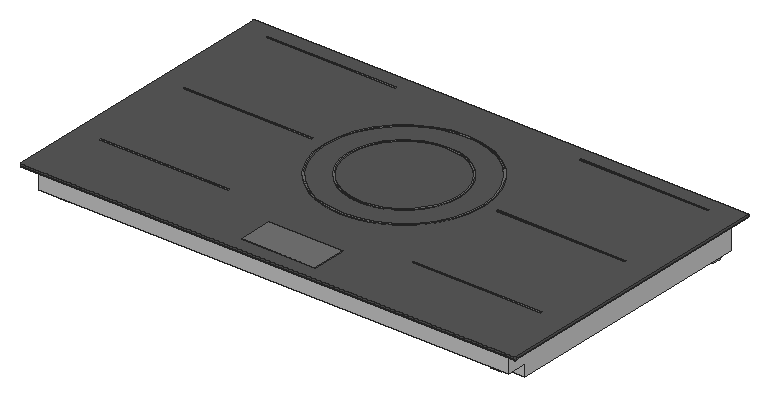
Revit family "FP-Revit19-en-CI302DB1-CI392DB1-CI392DTTB1-CI604DTTB1-CI764DTTB1-CI905DTTB1-InductionCooktop-0-90003215A-AU-NZ-UK-IE-CN-SG-ASIA", category Specialty Equipment, Revit 2019
Family settings
  Round Connector Dimension = Use Diameter
  Part Type = Normal
  OmniClass Number = 23.40.40.14.17.11
  OmniClass Title = Cookers, Ovens, Stoves
  Work Plane-Based = No
  Always vertical = Yes
  Cut with Voids When Loaded = Yes
  Shared = No
  Room Calculation Point = No
Parameters (values of type "CI905DTTB1")
  Visibility - Power Flex Large = yes
  Visibility - Power Flex Small = no
  Visibility - Power Conduit US-CA = no
  Visibility - Clearance Required = yes
  Visibility - Touchscreen = yes
  Recess - Depth = 6.5 mm  # constant formula
  Product - Height = ([Chassis - Height]) + 5.5 mm  # 61.5 mm
  Product - Width = 900 mm
  Product - Depth = 530 mm  # constant formula
  Model = "CI905DTTB1"
  Material - Graphics = Fisher & Paykel - Grey, Charcoal
  Material - Display Panel = Fisher & Paykel - Grey, Charcoal
  Material - Cooktop = Fisher & Paykel - Glass, Black
  Material - Body = Fisher & Paykel - Grey
  Manufacturer = "Fisher & Paykel Appliances Ltd"  # constant formula
  Graphics - 90/36 = yes
  Graphics - 76/30 = no
  Graphics - 60/24 = no
  Graphics - 39/17 = no
  Graphics - 30/15 = no
  Description = "90cm, 5 Zone Induction Cooktop, Black, Touchscreen"
  Countertop - Height [instance] = 900 mm
  Connector Description - Electrical = "220-240V, 50Hz, 50A"
  Clearance - Side Combustible = 27 mm  # constant formula
  Clearance - Rear Combustible = 20 mm  # constant formula
  Clearance - Overhead Rangehood = 650 mm  # constant formula
  Clearance - Overhead Non-Combustible = 450 mm  # constant formula
  Chassis - Width = 854 mm
  Chassis - Height = 56 mm  # constant formula
  Chassis - Depth = 504 mm  # constant formula
  Cavity - Width = 862 mm
  Cavity - Height = 72 mm
  Cavity - Depth (Proud Mount) = 507 mm  # constant formula
  Cavity - Depth (Flush Mount) = 509 mm  # constant formula
Types (6, lengths in mm): name | Visibility - Power Flex Large | Visibility - Power Flex Small | Visibility - Touchscreen | Product - Width | Model | Graphics - 90/36 | Graphics - 76/30 | Graphics - 60/24 | Graphics - 39/17 | Graphics - 30/15 | Description | Connector Description - Electrical | Chassis - Width | Cavity - Width
  CI905DTTB1 | yes | no | yes | 900 | "CI905DTTB1" | yes | no | no | no | no | "90cm, 5 Zone Induction Cooktop, Black, Touchscreen" | "220-240V, 50Hz, 50A" | 854 | 862
  CI302DB1 | no | yes | no | 300 | "CI302DB1" | no | no | no | no | yes | "30cm, 2 Zone Induction Cooktop, Black" | "220-240V, 50Hz, 20A" | 254 | 262
  CI392DB1 | no | yes | no | 385 | "CI392DB1" | no | no | no | yes | no | "39cm, 2 Zone Induction Cooktop, Black" | "220-240V, 50Hz, 20A" | 334 | 347
  CI604DTTB1 | yes | no | yes | 600 | "CI604DTTB1" | no | no | yes | no | no | "60cm, 4 Zone Induction Cooktop, Black, Touchscreen" | "220-240V, 50Hz, 35A" | 554 | 562
  CI764DTTB1 | yes | no | yes | 760 | "CI764DTTB1" | no | yes | no | no | no | "76cm, 4 Zone Induction Cooktop, Black, Touchscreen" | "220-240V, 50Hz, 35A" | 714 | 722
  CI392DTTB1 | no | yes | yes | 385 | "CI392DTTB1" | no | no | no | yes | no | "39cm, 2 Zone Induction Cooktop, Black, Touchscreen" | "220-240V, 50Hz, 20A" | 334 | 347
Reference planes
  plane 1 "Front": y = 0
  plane 2: z = 0
  plane 3 "Center (Left/Right)": x = 0
  plane 4 "Product - LHS": x = -450
  plane 5 "Clearance - LHS": x = -458
  plane 6 "Product - RHS": x = 450
  plane 7 "Clearance - RHS": x = 458
  plane 8 "Tape": z = 894.5
  plane 9 "Product - Height": z = 900
  plane 10 "Cavity - Height": z = 828
  plane 11 "Chassis Base": z = 838.5
  plane 12 "Product - Depth": y = 530
  plane 13 "Cavity - LHS": x = -431
  plane 14 "Cavity - RHS": x = 431
  plane 15 "Mounting Flange": z = 896
  plane 16 "Clearance - Rear": y = 539.5
  plane 17 "Clearance - Overhead Rangehood": z = 1550
  plane 18 "Clearance - Non-Combustible": z = 1350
  plane 19 "Graphics": z = 900.2
  plane 20 "2mm Offset LHS": x = -452
  plane 21 "2mm Offset RHS": x = 452
  plane 22 "Cable": x = 397
  plane 23 "Recess 6.5mm": z = 893.5
  plane 24 "Chassis LHS": x = -427
  plane 25 "Chassis RHS": x = 427
  plane 26 "Chassis - Front": y = 13.5
  plane 27 "Chassis - Depth": y = 517.5
  plane 28 "Centre": y = 265
  plane 29 "Cavity - Rear": y = 519.5
  plane 30 "Cavity - Front": y = 10.5
Forms (mm)
  Extrusion 1, solid, material "Fisher & Paykel - Glass, Black" <- "Material - Cooktop"
    sketch origin (0, 0, 0) x (1, 0, 0) y (0, 1, 0)
      loop
        arc (-448, 530) -> (-449.414, 529.414) -> (-450, 528) r 2
        line (-450, 528) -> (-450, 2)
        arc (-450, 2) -> (-449.414, 0.586) -> (-448, 0) r 2
        line (-448, 0) -> (448, 0)
        arc (448, 0) -> (449.414, 0.586) -> (450, 2) r 2
        line (450, 2) -> (450, 528)
        arc (450, 528) -> (449.414, 529.414) -> (448, 530) r 2
        line (448, 530) -> (-448, 530)
    from 896 to 900
  Extrusion 2, solid, material "Fisher & Paykel - Grey" <- "Material - Body"
    sketch origin (0, -179.489, 0) x (1, 0, 0) y (0, 1, 0)
      loop
        line (-427, 696.989) -> (-427, 192.989) -> (427, 192.989) -> (427, 696.989) -> (-427, 696.989)
    from 838.5 to 894.5
  Extrusion 3, solid, material "Fisher & Paykel - Grey" <- "Material - Body"
    sketch origin (0, 0, 0) x (1, 0, 0) y (0, 1, 0)
      loop
        line (-437, 523) -> (-437, 7) -> (437, 7) -> (437, 523) -> (-437, 523)
    from 894.5 to 896
  Extrusion 4, solid, material "Fisher & Paykel - Grey, Charcoal" <- "Material - Display Panel", visible <- "Visibility - Touchscreen", detail levels fine
    sketch origin (0, 0, 0) x (1, 0, 0) y (0, 1, 0)
      loop
        line (-66.5, 87) -> (-66.5, 25) -> (66.5, 25) -> (66.5, 87) -> (-66.5, 87)
    from 896 to 900.2
  Extrusion 5, solid, material "Fisher & Paykel - Clearance Required (Cutout)", visible <- "Visibility - Clearance Required", detail levels coarse
    sketch origin (0, 0, 0) x (0, 1, 0) y (0, 0, 1)
      loop
        line (10.5, 894.5) -> (10.5, 828) -> (519.5, 828) -> (519.5, 894.5) -> (10.5, 894.5)
    from -431 to 431
  Extrusion 6, solid, material "Fisher & Paykel - Clearance Required (Non-Combustible)", visible <- "Visibility - Clearance Required", detail levels coarse
    sketch origin (0, 0, 0) x (1, 0, 0) y (0, 1, 0)
      loop
        line (-458, 539.5) -> (-458, 0) -> (458, 0) -> (458, 539.5) -> (-458, 539.5)
    from 900 to 1350
  Extrusion 7, solid, material "Fisher & Paykel - Clearance Required (Combustible)", visible <- "Visibility - Clearance Required", detail levels coarse
    sketch origin (0, 0, 0) x (1, 0, 0) y (0, 1, 0)
      loop
        line (-458, 539.5) -> (-458, 0) -> (458, 0) -> (458, 539.5) -> (-458, 539.5)
    from 1350 to 1550
  Extrusion 8, solid, material "Fisher & Paykel - Grey, Charcoal" <- "Material - Graphics", visible <- "Graphics - 90/36", detail levels fine
    sketch origin (0, 0, 0) x (1, 0, 0) y (0, 1, 0)
      loop
        line (-403.25, 316.098) -> (-403.25, 313.598) -> (-170.75, 313.598) -> (-170.75, 316.098) -> (-403.25, 316.098)
      loop
        line (-403.25, 126.248) -> (-403.25, 123.748) -> (-170.75, 123.748) -> (-170.75, 126.248) -> (-403.25, 126.248)
      loop
        line (-403.25, 505.249) -> (-403.25, 502.749) -> (-170.75, 502.749) -> (-170.75, 505.249) -> (-403.25, 505.249)
      loop
        line (397.25, 316.098) -> (164.75, 316.098) -> (164.75, 313.598) -> (397.25, 313.598) -> (397.25, 316.098)
      loop
        line (397.25, 126.248) -> (164.75, 126.248) -> (164.75, 123.748) -> (397.25, 123.748) -> (397.25, 126.248)
      loop
        line (397.25, 505.249) -> (164.75, 505.249) -> (164.75, 502.749) -> (397.25, 502.749) -> (397.25, 505.249)
      loop
        circle (-3, 313.598) r 99.029
      loop
        circle (-3, 313.598) r 101.36
      loop
        circle (-3, 313.598) r 142.07
      loop
        circle (-3, 313.598) r 144.628
    from 896 to 900.2
  Extrusion 9, solid, material "Fisher & Paykel - Grey, Charcoal" <- "Material - Graphics", visible <- "Graphics - 30/15", detail levels fine
    sketch origin (0, 0, 0) x (1, 0, 0) y (0, 1, 0)
      loop
        line (-116.25, 316.098) -> (-116.25, 313.598) -> (116.25, 313.598) -> (116.25, 316.098) -> (-116.25, 316.098)
      loop
        line (-116.25, 126.249) -> (-116.25, 123.749) -> (116.25, 123.749) -> (116.25, 126.249) -> (-116.25, 126.249)
      loop
        line (-116.25, 505.249) -> (-116.25, 502.749) -> (116.25, 502.749) -> (116.25, 505.249) -> (-116.25, 505.249)
    from 896 to 900.2
  Extrusion 10, solid, material "Fisher & Paykel - Grey, Charcoal" <- "Material - Graphics", visible <- "Graphics - 60/24", detail levels fine
    sketch origin (0, 0, 0) x (1, 0, 0) y (0, 1, 0)
      loop
        line (-250.25, 316.098) -> (-250.25, 313.598) -> (-24.75, 313.598) -> (-24.75, 316.098) -> (-250.25, 316.098)
      loop
        line (-250.25, 126.249) -> (-250.25, 123.749) -> (-24.75, 123.749) -> (-24.75, 126.249) -> (-250.25, 126.249)
      loop
        line (-250.25, 505.249) -> (-250.25, 502.749) -> (-24.75, 502.749) -> (-24.75, 505.249) -> (-250.25, 505.249)
      loop
        line (250.25, 316.098) -> (24.75, 316.098) -> (24.75, 313.598) -> (250.25, 313.598) -> (250.25, 316.098)
      loop
        line (250.25, 126.249) -> (24.75, 126.249) -> (24.75, 123.749) -> (250.25, 123.749) -> (250.25, 126.249)
      loop
        line (250.25, 505.249) -> (24.75, 505.249) -> (24.75, 502.749) -> (250.25, 502.749) -> (250.25, 505.249)
    from 896 to 900.2
  Extrusion 11, solid, material "Fisher & Paykel - Grey, Charcoal" <- "Material - Graphics", visible <- "Graphics - 76/30", detail levels fine
    sketch origin (0, 0, 0) x (1, 0, 0) y (0, 1, 0)
      loop
        line (330.25, 316.098) -> (99.75, 316.098) -> (99.75, 313.598) -> (330.25, 313.598) -> (330.25, 316.098)
      loop
        line (330.25, 126.248) -> (99.75, 126.248) -> (99.75, 123.748) -> (330.25, 123.748) -> (330.25, 126.248)
      loop
        line (330.25, 505.248) -> (99.75, 505.248) -> (99.75, 502.749) -> (330.25, 502.749) -> (330.25, 505.248)
      loop
        circle (-200, 258.2) r 140
      loop
        circle (-14.494, 412.848) r 85
      loop
        circle (-14.494, 412.848) r 83
      loop
        circle (-200, 258.2) r 138.038
    from 896 to 900.2
  Extrusion 12, solid, material "Fisher & Paykel - Grey, Charcoal" <- "Material - Graphics", visible <- "Graphics - 39/17", detail levels fine
    sketch origin (0, 0, 0) x (1, 0, 0) y (0, 1, 0)
      loop
        line (-142.75, 505.254) -> (-142.75, 502.754) -> (142.75, 502.754) -> (142.75, 505.254) -> (-142.75, 505.254)
      loop
        line (-142.75, 316.098) -> (-142.75, 313.598) -> (142.75, 313.598) -> (142.75, 316.098) -> (-142.75, 316.098)
      loop
        line (-142.75, 126.249) -> (-142.75, 123.749) -> (142.75, 123.749) -> (142.75, 126.249) -> (-142.75, 126.249)
    from 896 to 900.2
  Extrusion 13, void
    sketch origin (0, 0, 0) x (1, 0, 0) y (0, 1, 0)
      loop
        arc (-448, 532) -> (-450.828, 530.828) -> (-452, 528) r 4
        line (-452, 528) -> (-452, 2)
        arc (-452, 2) -> (-450.828, -0.828) -> (-448, -2) r 4
        line (-448, -2) -> (448, -2)
        arc (448, -2) -> (450.828, -0.828) -> (452, 2) r 4
        line (452, 2) -> (452, 528)
        arc (452, 528) -> (450.828, 530.828) -> (448, 532) r 4
        line (448, 532) -> (-448, 532)
    from 893.5 to 900
  Extrusion 14, solid, material "Fisher & Paykel - Grey, Charcoal"
    sketch origin (0, 0, 0) x (1, 0, 0) y (0, 1, 0)
      loop
        arc (-448, 530) -> (-449.414, 529.414) -> (-450, 528) r 2
        line (-450, 528) -> (-450, 2)
        arc (-450, 2) -> (-449.414, 0.586) -> (-448, 0) r 2
        line (-448, 0) -> (448, 0)
        arc (448, 0) -> (449.414, 0.586) -> (450, 2) r 2
        line (450, 2) -> (450, 528)
        arc (450, 528) -> (449.414, 529.414) -> (448, 530) r 2
        line (448, 530) -> (-448, 530)
      loop
        line (-445, 525) -> (-445, 5) -> (445, 5) -> (445, 525) -> (-445, 525)
    from 894.5 to 896
  Extrusion 15, solid, material "Fisher & Paykel - Grey" <- "Material - Body", visible <- "Visibility - Power Flex Small"
    sketch origin (0, 0, 0) x (1, 0, 0) y (0, 1, 0)
      loop
        circle (97, 512) r 4
    from 828 to 838.5
  Extrusion 16, void
    sketch origin (0, 0, 0) x (0, 1, 0) y (0, 0, 1)
      loop
        line (13.5, 838.5) -> (50.5, 838.5) -> (50.5, 858.5) -> (13.5, 858.5) -> (13.5, 838.5)
    from -431 to 431
  Sweep 17, solid, material "Fisher & Paykel - Grey" <- "Material - Body", visible <- "Visibility - Power Flex Large"
    path origin (397, 0, 0) x (0, -1, 0) y (0, 0, 1)
      loop
        arc (-523.932, 815.5) -> (-500.264, 821.519) -> (-482.714, 838.5) r 47.507
        line (-482.714, 838.5) -> (-480.135, 842.784)
    profile origin (397, 500.264, 821.519) x (0, 0.487278, 0.873247) y (-1, 0, 0)
      loop
        circle (0, 0) r 6
  Extrusion 18, solid, material "Fisher & Paykel - Grey" <- "Material - Body", visible <- "Visibility - Power Flex Large"
    sketch origin (0, 0, 0) x (1, 0, 0) y (0, 1, 0)
      loop
        circle (397, 482.308) r 15
      loop
        circle (397, 482.308) r 8.004
    from 837.5 to 838.5
  Extrusion 19, solid, material "Fisher & Paykel - Grey" <- "Material - Body", detail levels fine
    sketch origin (0, 0, 0) x (1, 0, 0) y (0, 0, 1)
      loop
        line (-398.5, 858.5) -> (-398.5, 846.5) -> (-384.5, 846.5) -> (-384.5, 858.5) -> (-398.5, 858.5)
      loop
        line (401, 846.5) -> (401, 858.5) -> (382, 858.5) -> (382, 846.5) -> (401, 846.5)
    from -50.5 to -29.5
Cuts and joins
  Extrusion 16 cuts Extrusion 2
Text (mm)
  text "Due to ongoing product development, product details are subject to change without notice. \nPlease always refer to www.fisherpaykel.com for the most current product information. \n© Fisher & Paykel 2020" at (110.713, -119.621, 0), in view "Ref. Level"
Dimensions and locks
  equal spacing: plane 4 "Product - LHS", plane 3 "Center (Left/Right)", plane 6 "Product - RHS"
  equal spacing: plane 5 "Clearance - LHS", plane 3 "Center (Left/Right)", plane 7 "Clearance - RHS"
  "Product - Width": plane 4 "Product - LHS" to plane 6 "Product - RHS"
  equal spacing: plane 13 "Cavity - LHS", plane 3 "Center (Left/Right)", plane 14 "Cavity - RHS"
  "Cavity - Width": plane 13 "Cavity - LHS" to plane 14 "Cavity - RHS"
  equal spacing: Extrusion 2, plane 3 "Center (Left/Right)", Extrusion 2
  equal spacing: Extrusion 3 sketch curve, plane 3 "Center (Left/Right)", Extrusion 3 sketch curve
  locked: plane 4 "Product - LHS" to Extrusion 3 sketch curve at 13
  equal spacing: Extrusion 4 sketch curve, plane 3 "Center (Left/Right)", Extrusion 4 sketch curve
  locked: plane 1 "Front" to Extrusion 4 sketch curve at 25
  locked: Extrusion 4 sketch curve to Extrusion 4 sketch curve at 62
  "Chassis - Height": plane 8 "Tape" to plane 11 "Chassis Base"
  locked: plane 12 "Product - Depth" to Extrusion 3 sketch curve at 7
  locked: plane 1 "Front" to Extrusion 3 sketch curve at 7
  locked: plane 8 "Tape" to plane 15 "Mounting Flange" at 1.5
  locked: plane 9 "Product - Height" to plane 8 "Tape" at 5.5
  "Clearance - Overhead Non-Combustible": plane 18 "Clearance - Non-Combustible" to plane 9 "Product - Height"
  "Clearance - Overhead Rangehood": plane 17 "Clearance - Overhead Rangehood" to plane 9 "Product - Height"
  "Clearance - Side Combustible": plane 5 "Clearance - LHS" to plane 13 "Cavity - LHS"
  locked: Extrusion 4 sketch curve to Extrusion 4 sketch curve at 133
  locked: Extrusion 9 sketch curve to plane 3 "Center (Left/Right)" at 116.25
  locked: plane 3 "Center (Left/Right)" to Extrusion 9 sketch curve at 116.25
  locked: plane 3 "Center (Left/Right)" to Extrusion 11 sketch curve at 99.75
  locked: plane 3 "Center (Left/Right)" to Extrusion 11 sketch curve at 330.25
  locked: Extrusion 11 sketch curve to plane 3 "Center (Left/Right)" at 200
  locked: Extrusion 11 sketch curve to plane 3 "Center (Left/Right)" at 14.494
  locked: Extrusion 10 sketch curve to plane 3 "Center (Left/Right)" at 24.75
  locked: plane 3 "Center (Left/Right)" to Extrusion 10 sketch curve at 24.75
  locked: Extrusion 10 sketch curve to plane 3 "Center (Left/Right)" at 250.25  (x3)
  locked: plane 3 "Center (Left/Right)" to Extrusion 10 sketch curve at 250.25
  locked: Extrusion 12 sketch curve to plane 3 "Center (Left/Right)" at 142.75  (x3)
  locked: plane 3 "Center (Left/Right)" to Extrusion 12 sketch curve at 142.75  (x3)
  equal spacing: Extrusion 13 sketch curve, plane 3 "Center (Left/Right)", Extrusion 13 sketch curve
  locked: Extrusion 13 sketch curve to plane 4 "Product - LHS" at 2
  locked: Extrusion 13 sketch curve to plane 1 "Front" at 2
  locked: Extrusion 13 sketch curve to plane 12 "Product - Depth" at 2
  equal spacing: plane 20 "2mm Offset LHS", plane 3 "Center (Left/Right)", plane 21 "2mm Offset RHS"
  locked: plane 20 "2mm Offset LHS" to plane 4 "Product - LHS" at 2
  locked: plane 15 "Mounting Flange" to plane 19 "Graphics" at 4.2
  "Countertop - Height": plane 9 "Product - Height" to level
  locked: plane 1 "Front" to Extrusion 14 sketch curve at 5
  equal spacing: Extrusion 14 sketch curve, plane 3 "Center (Left/Right)", Extrusion 14 sketch curve
  locked: plane 4 "Product - LHS" to Extrusion 14 sketch curve at 5
  locked: plane 12 "Product - Depth" to Extrusion 14 sketch curve at 5
  plane 1 "Front" to Extrusion 15 sketch curve = 512 mm
  plane 3 "Center (Left/Right)" to Extrusion 15 sketch curve = 97 mm
  locked: plane 22 "Cable" to plane 6 "Product - RHS" at 53
  locked: plane 8 "Tape" to cut or joined group of Extrusion 2, Extrusion 16 at 36
  locked: plane 11 "Chassis Base" to Extrusion 18 at 1
  locked: Extrusion 19 to plane 8 "Tape" at 48
  "Recess - Depth": plane 9 "Product - Height" to plane 23 "Recess 6.5mm"
  equal spacing: plane 24 "Chassis LHS", plane 3 "Center (Left/Right)", plane 25 "Chassis RHS"
  locked: plane 1 "Front" to plane 26 "Chassis - Front" at 13.5
  "Chassis - Depth": plane 27 "Chassis - Depth" to plane 26 "Chassis - Front"
  locked: Extrusion 19 to plane 24 "Chassis LHS" at 28.5
  locked: Extrusion 19 to plane 24 "Chassis LHS" at 42.5
  locked: plane 25 "Chassis RHS" to Extrusion 19 at 26
  locked: plane 25 "Chassis RHS" to Extrusion 19 at 45
  "Chassis - Width": plane 24 "Chassis LHS" to plane 25 "Chassis RHS"
  "Cavity - Height": plane 9 "Product - Height" to plane 10 "Cavity - Height"
  "Product - Depth": plane 1 "Front" to plane 12 "Product - Depth"
  locked: plane 1 "Front" to plane 28 "Centre" at 265
  equal spacing: plane 30 "Cavity - Front", plane 28 "Centre", plane 29 "Cavity - Rear"
  "Cavity - Depth (Flush Mount)": plane 30 "Cavity - Front" to plane 29 "Cavity - Rear"
  diameter of Extrusion 11 sketch curve = 280 mm
  aligned and locked: level to plane 2
  aligned and locked: Extrusion 1 sketch curve to plane 12 "Product - Depth"
  aligned and locked: Extrusion 1 sketch curve to plane 4 "Product - LHS"
  aligned and locked: Extrusion 1 sketch curve to plane 1 "Front"
  aligned and locked: plane 6 "Product - RHS" to Extrusion 1 sketch curve
  aligned and locked: plane 9 "Product - Height" to Extrusion 1
  aligned and locked: Extrusion 3 to Extrusion 1
  aligned and locked: Extrusion 1 to Extrusion 4
  aligned and locked: Extrusion 3 to plane 8 "Tape"
  aligned and locked: plane 8 "Tape" to Extrusion 2
  aligned and locked: Extrusion 2 to plane 11 "Chassis Base"
  aligned and locked: plane 15 "Mounting Flange" to Extrusion 1
  aligned and locked: Extrusion 3 to plane 15 "Mounting Flange"
  aligned and locked: plane 15 "Mounting Flange" to Extrusion 4
  aligned and locked: plane 10 "Cavity - Height" to Extrusion 5 sketch curve
  aligned and locked: plane 8 "Tape" to Extrusion 5
  aligned and locked: Extrusion 5 to plane 13 "Cavity - LHS"
  aligned and locked: plane 14 "Cavity - RHS" to Extrusion 5
  aligned and locked: Extrusion 6 sketch curve to plane 16 "Clearance - Rear"
  aligned and locked: Extrusion 6 sketch curve to plane 5 "Clearance - LHS"
  aligned and locked: Extrusion 6 sketch curve to plane 1 "Front"
  aligned and locked: plane 7 "Clearance - RHS" to Extrusion 6 sketch curve
  aligned and locked: Extrusion 6 to plane 9 "Product - Height"
  aligned and locked: plane 18 "Clearance - Non-Combustible" to Extrusion 6
  aligned and locked: plane 5 "Clearance - LHS" to Extrusion 7
  aligned and locked: Extrusion 7 to plane 7 "Clearance - RHS"
  aligned and locked: plane 16 "Clearance - Rear" to Extrusion 7
  aligned and locked: Extrusion 7 to Extrusion 6
  aligned and locked: plane 17 "Clearance - Overhead Rangehood" to Extrusion 7
  aligned and locked: plane 19 "Graphics" to Extrusion 4
  aligned and locked: plane 19 "Graphics" to Extrusion 8
  aligned and locked: plane 19 "Graphics" to Extrusion 9
  aligned and locked: Extrusion 9 to Extrusion 9  (x2)
  aligned and locked: plane 19 "Graphics" to Extrusion 10
  aligned and locked: plane 19 "Graphics" to Extrusion 11
  aligned and locked: Extrusion 11 to Extrusion 11  (x4)
  aligned and locked: Extrusion 10 to Extrusion 10  (x6)
  aligned and locked: plane 19 "Graphics" to Extrusion 12
  aligned and locked: plane 15 "Mounting Flange" to Extrusion 11
  aligned and locked: plane 15 "Mounting Flange" to Extrusion 8
  aligned and locked: plane 15 "Mounting Flange" to Extrusion 9
  aligned and locked: plane 15 "Mounting Flange" to Extrusion 12
  aligned and locked: plane 15 "Mounting Flange" to Extrusion 10
  aligned and locked: plane 9 "Product - Height" to Extrusion 13
  aligned and locked: plane 6 "Product - RHS" to Extrusion 14 sketch curve
  aligned and locked: Extrusion 14 sketch curve to plane 1 "Front"
  aligned and locked: Extrusion 14 sketch curve to plane 12 "Product - Depth"
  aligned and locked: Extrusion 14 sketch curve to plane 4 "Product - LHS"
  aligned and locked: plane 8 "Tape" to Extrusion 14
  aligned and locked: Extrusion 14 to plane 15 "Mounting Flange"
  aligned and locked: plane 11 "Chassis Base" to Extrusion 15
  aligned and locked: Extrusion 15 to plane 10 "Cavity - Height"
  aligned and locked: Extrusion 16 to plane 13 "Cavity - LHS"
  aligned and locked: plane 14 "Cavity - RHS" to Extrusion 16
  aligned and locked: plane 11 "Chassis Base" to Extrusion 18
  aligned and locked: cut or joined group of Extrusion 2, Extrusion 16 to Extrusion 19  (x3)
  aligned and locked: plane 23 "Recess 6.5mm" to Extrusion 13
  aligned and locked: plane 24 "Chassis LHS" to cut or joined group of Extrusion 2, Extrusion 16
  aligned and locked: Extrusion 2 to plane 24 "Chassis LHS"
  aligned and locked: plane 25 "Chassis RHS" to Extrusion 2
  aligned and locked: plane 26 "Chassis - Front" to cut or joined group of Extrusion 2, Extrusion 16
  aligned and locked: plane 27 "Chassis - Depth" to cut or joined group of Extrusion 2, Extrusion 16
  aligned and locked: plane 30 "Cavity - Front" to Extrusion 5
  aligned and locked: plane 29 "Cavity - Rear" to Extrusion 5
Automatic sketch dimensions
  Extrusion 1 sketch curve to plane 4 "Product - LHS" = 0 mm
  Extrusion 1 sketch curve to plane 4 "Product - LHS" = 2 mm  (x2)
  Extrusion 1 sketch curve to Extrusion 1 sketch curve = 2 mm
  plane 6 "Product - RHS" to Extrusion 1 sketch curve = 2 mm
  Extrusion 1 sketch curve to plane 12 "Product - Depth" = 2 mm
  plane 13 "Cavity - LHS" to Extrusion 2 sketch curve = 4 mm
  Extrusion 2 sketch curve to plane 14 "Cavity - RHS" = 4 mm
  Extrusion 5 sketch curve to plane 8 "Tape" = 0 mm
  plane 1 "Front" to Extrusion 7 sketch curve = 0 mm
  plane 5 "Clearance - LHS" to Extrusion 7 sketch curve = 0 mm
  Extrusion 7 sketch curve to plane 7 "Clearance - RHS" = 0 mm
  plane 16 "Clearance - Rear" to Extrusion 7 sketch curve = 0 mm
  Extrusion 9 sketch curve to plane 3 "Center (Left/Right)" = 116.25 mm  (x2)
  plane 7 "Clearance - RHS" to Extrusion 9 sketch curve = 341.75 mm  (x2)
  Extrusion 9 sketch curve to Extrusion 9 sketch curve = 2.5 mm  (x3)
  Extrusion 9 sketch curve to Extrusion 9 sketch curve = 187.349 mm
  Extrusion 11 sketch curve to Extrusion 11 sketch curve = 0 mm  (x6)
  plane 3 "Center (Left/Right)" to Extrusion 11 sketch curve = 99.75 mm  (x2)
  Extrusion 11 sketch curve to plane 14 "Cavity - RHS" = 100.75 mm  (x2)
  Extrusion 11 sketch curve to Extrusion 11 sketch curve = 186.651 mm
  Extrusion 11 sketch curve to Extrusion 11 sketch curve = 2.5 mm  (x3)
  Extrusion 11 sketch curve to Extrusion 11 sketch curve = 154.648 mm
  Extrusion 10 sketch curve to plane 3 "Center (Left/Right)" = 24.75 mm  (x2)
  plane 3 "Center (Left/Right)" to Extrusion 10 sketch curve = 24.75 mm  (x2)
  Extrusion 10 sketch curve to plane 14 "Cavity - RHS" = 180.75 mm  (x2)
  Extrusion 10 sketch curve to Extrusion 10 sketch curve = 2.5 mm  (x6)
  Extrusion 10 sketch curve to Extrusion 10 sketch curve = 186.651 mm  (x2)
  Extrusion 10 sketch curve to Extrusion 10 sketch curve = 0 mm  (x2)
  Extrusion 12 sketch curve to Extrusion 12 sketch curve = 2.5 mm  (x3)
  Extrusion 12 sketch curve to Extrusion 12 sketch curve = 187.349 mm
  Extrusion 13 sketch curve to plane 1 "Front" = 2 mm  (x2)
  Extrusion 13 sketch curve to plane 4 "Product - LHS" = 2 mm  (x2)
  Extrusion 13 sketch curve to plane 12 "Product - Depth" = 2 mm
  Extrusion 2 sketch curve to plane 12 "Product - Depth" = 12.5 mm
  Extrusion 5 sketch curve to plane 12 "Product - Depth" = 10.5 mm
  Extrusion 9 sketch curve to plane 12 "Product - Depth" = 27.251 mm
  Extrusion 10 sketch curve to Extrusion 10 sketch curve = 187.349 mm
  Extrusion 11 sketch curve to Extrusion 11 sketch curve = 187.349 mm
  Extrusion 12 sketch curve to plane 12 "Product - Depth" = 27.246 mm
  Extrusion 2 sketch curve to plane 1 "Front" = 13.5 mm
  Extrusion 5 sketch curve to plane 1 "Front" = 10.5 mm
  Extrusion 9 sketch curve to Extrusion 9 sketch curve = 186.651 mm
  Extrusion 10 sketch curve to plane 1 "Front" = 123.749 mm
  Extrusion 11 sketch curve to plane 1 "Front" = 123.748 mm
  Extrusion 11 sketch curve to plane 1 "Front" = 258.2 mm
  Extrusion 12 sketch curve to Extrusion 12 sketch curve = 186.656 mm
  Extrusion 14 sketch curve to plane 4 "Product - LHS" = 2 mm
  Extrusion 14 sketch curve to plane 1 "Front" = 2 mm  (x2)
  plane 6 "Product - RHS" to Extrusion 14 sketch curve = 2 mm
  Extrusion 14 sketch curve to plane 12 "Product - Depth" = 2 mm
  Extrusion 8 sketch curve to Extrusion 8 sketch curve = 0 mm  (x20)
  plane 7 "Clearance - RHS" to Extrusion 8 sketch curve = 861.25 mm
  Extrusion 8 sketch curve to Extrusion 8 sketch curve = 232.5 mm  (x3)
  Extrusion 8 sketch curve to Extrusion 8 sketch curve = 167.75 mm
  Extrusion 8 sketch curve to Extrusion 8 sketch curve = 167.751 mm
  Extrusion 8 sketch curve to Extrusion 8 sketch curve = 189.151 mm
  Extrusion 8 sketch curve to Extrusion 8 sketch curve = 2.5 mm  (x6)
  Extrusion 16 sketch curve to plane 11 "Chassis Base" = 0 mm
  Extrusion 16 sketch curve to Extrusion 16 sketch curve = 37 mm
  Extrusion 16 sketch curve to Extrusion 16 sketch curve = 20 mm
  Extrusion 8 sketch curve to plane 1 "Front" = 126.248 mm  (x2)
  Extrusion 16 sketch curve to plane 1 "Front" = 13.5 mm
  Extrusion 8 sketch curve to plane 12 "Product - Depth" = 216.402 mm
  Extrusion 8 sketch curve to Extrusion 8 sketch curve = 187.35 mm
  Extrusion 8 sketch curve to plane 12 "Product - Depth" = 27.251 mm
  Sweep 17 sketch curve to plane 22 "Cable" = 0 mm
  profile plane to Sweep 17 sketch curve = 0 mm
  Sweep 17 sketch curve to plane 11 "Chassis Base" = 0 mm
  plane 11 "Chassis Base" to Sweep 17 sketch curve = 24.504 mm
  plane 11 "Chassis Base" to Sweep 17 sketch curve = 4.284 mm
  Sweep 17 sketch curve to Sweep 17 sketch curve = 2.579 mm
  Extrusion 18 sketch curve to Extrusion 18 sketch curve = 0 mm  (x3)
  Extrusion 18 sketch curve to plane 22 "Cable" = 0 mm
  plane 11 "Chassis Base" to Extrusion 19 sketch curve = 8 mm  (x2)
  plane 13 "Cavity - LHS" to Extrusion 19 sketch curve = 32.5 mm
  Extrusion 19 sketch curve to Extrusion 19 sketch curve = 14 mm
  plane 22 "Cable" to Extrusion 19 sketch curve = 15 mm
  Extrusion 19 sketch curve to plane 22 "Cable" = 4 mm
  Extrusion 19 sketch curve to Extrusion 19 sketch curve = 12 mm  (x2)
  Sweep 17 sketch curve to plane 27 "Chassis - Depth" = 5.913 mm
  plane 27 "Chassis - Depth" to Sweep 17 sketch curve = 34.786 mm
  Sweep 17 sketch curve to plane 12 "Product - Depth" = 6.068 mm
  plane 27 "Chassis - Depth" to Extrusion 18 sketch curve = 35.192 mm
  radius of Extrusion 11 sketch curve = 85 mm
  radius of Extrusion 11 sketch curve = 83 mm
  radius of Extrusion 11 sketch curve = 138.038 mm
  radius of Extrusion 8 sketch curve = 99.029 mm
  radius of Extrusion 8 sketch curve = 101.36 mm
  radius of Extrusion 8 sketch curve = 142.07 mm
  radius of Extrusion 8 sketch curve = 144.628 mm
  radius of Extrusion 15 sketch curve = 4 mm
  radius of Sweep 17 sketch curve = 6 mm
  radius of Extrusion 18 sketch curve = 15 mm
  radius of Extrusion 18 sketch curve = 8.004 mm
Connectors
  electrical at (397, 482.308, 837.5), driven by "Connector Description - Electrical"
    settings: on Extrusion 18, index 1, voltage 230 V, apparent load 0 VA, apparent load phase1 0 VA, apparent load phase2 0 VA, apparent load phase3 0 VA, power factor 1, load classification "Other", number of poles 1, system type 30, power factor state 1, is connector primary yes, connector utility no, sub classification motor no, connector description "220-240V, 50Hz, 50A"
